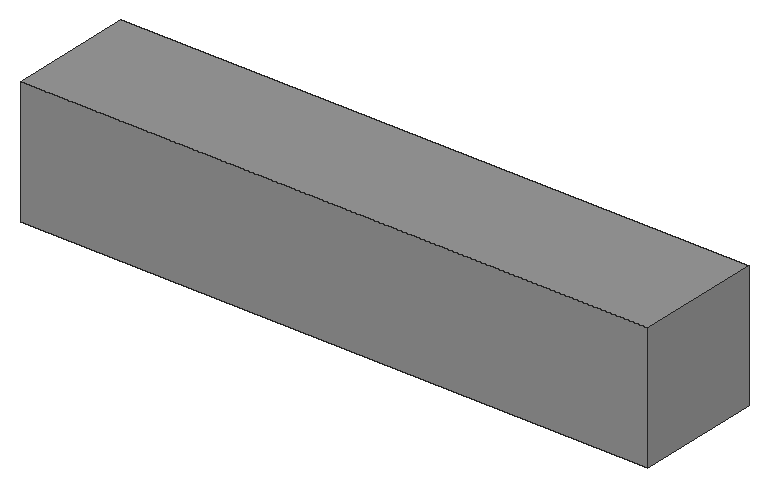
Revit family "63_UN_LF_Power Stripelite 3_LI", category Lighting Fixtures, Revit 2019
Family settings
  Round Connector Dimension = Use Diameter
  Part Type = Normal
  OmniClass Number = 23.80.70.11.14.11
  OmniClass Title = Downlights
  Work Plane-Based = No
  Always vertical = Yes
  Cut with Voids When Loaded = No
  Light Source = Yes
  Shared = No
  Room Calculation Point = Yes
Parameters (values of type "Power Stripelite 3 opaal")
  Wattage Comments = "4"
  Wattage = 3.36605 W
  built-in parameter 1150110 = 1 (stored number, unit not read)
  Voltage = 230 V
  URL = "https://lightinternational.nl/producten/opbouw-armaturen/power-stripelite/#136-power-stripelite-3"
  Type Comments = "Power Stripelite 3"
  built-in parameter 1114217 = 1 (stored number, unit not read)
  Tilt Angle = 90.00°
  built-in parameter 1150109 = 1 (stored number, unit not read)
  built-in parameter 1150134 = 3
  Symbol_ToScale [instance] = not(Symbol_RealSize)  # no
  Symbol_RealSize [instance] = yes
  Switch Code [instance] = ""
  built-in parameter 1150113 = 1 (stored number, unit not read)
  Photometric Web File = "PSL3_O_LDT.ies"
  Model = "Power Stripelite"
  Manufacturer = "Light International"
  built-in parameter 1150105 = 39.789 (stored number, unit not read)
  Luminous Flux (lm) = 640 lm
  Lumens = 640 lm
  built-in parameter 1150115 = 1 (stored number, unit not read)
  Luminaire Code [instance] = ""
  built-in parameter 1150137 = (empty or 0)
  built-in parameter 1150139 = (empty or 0)
  built-in parameter 1150112 = 1 (stored number, unit not read)
  built-in parameter 1150114 = 1 (stored number, unit not read)
  Lamp = "LED"
  L3 = 5 mm
  L2 = 65 mm
  L1 = 325 mm
  built-in parameter 1150132 = 2
  built-in parameter 1150102 = (empty or 0)
  built-in parameter 1150107 = 4000 (stored number, unit not read)
  built-in parameter 1150138 = (empty or 0)
  built-in parameter 1150106 = 0.39789 (stored number, unit not read)
  IfcExportType = "USERDEFINED"
  IfcExportAs = "IfcLightFixtureType"
  ISBN Code = "ISBNCODE"
  IP Value = "IP65"
  IK Value = "IK16"
  Housing_Material = Select RGB Value for different appearance
  H1 = 65 mm
  GTIN Code = "GTINCODE"
  Emit from Rectangle Width = L2 - (L3 * 2)  # 55 mm
  Emit from Rectangle Length = L1 - (L3 * 2)  # 315 mm
  Emit Shape Visible in Rendering = no
  built-in parameter 1150104 = 13.8 (stored number, unit not read)
  ETIM Code = "ETIMCODE"
  Dimming Lamp Color Temperature Shift = <None>
  Description = "DALI | 1-10V"
  Content Creator® = "www.ivlibrary.com"
  Color Filter = 16777215
  Calc_L2_Symbol = L2 / 100  # 0.65 mm
  Calc_L1_Symbol = L1 / 100  # 3.25 mm
  built-in parameter 1114218 = 1 (stored number, unit not read)
  built-in parameter 1150133 = 10 (stored number, unit not read)
  Assembly Code = "63.0"
  Apparent Load = 4 VA
Reference planes
  plane 1 "Center (Front/Back)": y = 0
  plane 2: z = 0
  plane 3 "Center (Left/Right)": x = 0
  plane 4: x = -157.5
  plane 5: x = 157.5
  plane 6: y = 27.5
  plane 7: y = -27.5
  plane 8: x = -162.5
  plane 9: x = 162.5
  plane 10: y = -32.5
  plane 11: y = 32.5
Lines and regions (mm)
  symbolic lines, visible <- "Symbol_RealSize"
    curve 1: line (-162.5, -32.5, 0) -> (162.5, -32.5, 0)
    curve 2: line (-162.5, 32.5, 0) -> (-162.5, -32.5, 0)
    curve 3: line (162.5, 32.5, 0) -> (-162.5, 32.5, 0)
    curve 4: line (162.5, -32.5, 0) -> (162.5, 32.5, 0)
Dimensions and locks
  equal spacing: plane 11, plane 1 "Center (Front/Back)", plane 10
  equal spacing: plane 8, plane 3 "Center (Left/Right)", plane 9
  "L1": plane 8 to plane 9
  "L2": plane 11 to plane 10
  "L3": plane 8 to plane 4
  "L3": plane 5 to plane 9
  "L3": plane 6 to plane 11
  "L3": plane 7 to plane 10
  "H1": level to imposter light
  aligned and locked: level to plane 2
  aligned and locked: level to nested 2
Automatic sketch dimensions
  curve 3 to plane 8 = 0 mm
  curve 1 to plane 9 = 0 mm
  curve 2 to plane 10 = 0 mm
  plane 11 to curve 2 = 0 mm
Nested families
  nested 1: "Parametric Light-Line Symbol" at (0, 0, 0), L1 <- "Calc_L1_Symbol", L2 <- "Calc_L2_Symbol", visible <- "Symbol_ToScale", type "Parametric LED Panel Symbol"
    with L2 0.65 mm, L1 3.25 mm
  nested 2: "SM Light-line Geometry" at (0, 0, 0), type "Type Catalog"
    with Symbol_ToScale no, Symbol_RealSize yes, Switch Code "", Luminaire Code "", L3 5 mm, L2 65 mm, L1 325 mm, H1 65 mm, Calc_L2_Symbol 0.65 mm, Calc_L1_Symbol 3.25 mm
Connectors
  electrical at (0, 0, 0), driven by "Voltage", driven by "Apparent Load"
    settings: index 1, voltage 230 V, apparent load 0 VA, apparent load phase1 4 VA, apparent load phase2 0 VA, apparent load phase3 0 VA, power factor 1, load classification "Lighting", number of poles 1, system type 31, power factor state 1, is connector primary yes, connector utility no, sub classification motor no, connector description ""
Definition of nested family "SM Light-line Geometry"
  Parameters (values of type "Type Catalog")
    Wattage Comments = "19W"
    Voltage = 230 V
    URL = "https://www.ivlibrary.com/"
    Type Comments = "TYPENAME"
    Symbol_ToScale [instance] = not(Symbol_RealSize)  # no
    Symbol_RealSize [instance] = yes
    Switch Code [instance] = ""
    Model = "FAMILYNAME"
    Manufacturer = "MANUFACTURER"
    Luminous Flux (lm) = 500 lm
    Luminaire Code [instance] = ""
    Lamp = "LED"
    LED Panel = yes
    L3 = 7.5 mm
    L2 = 100 mm
    L1 = 1500 mm
    IfcExportType = "USERDEFINED"
    IfcExportAs = "IfcLightFixtureType"
    ISBN Code = "ISBNCODE"
    IP Value = "IPVALUE"
    IK Value = "IKVALUE"
    Housing_Material = none
    H1 = 80 mm
    GTIN Code = "GTINCODE"
    ETIM Code = "ETIMCODE"
    Description = ""
    Content Creator® = "www.ivlibrary.com"
    Calc_L2_Symbol = L2 / 100  # 1 mm
    Calc_L1_Symbol = L1 / 100  # 15 mm
    Assembly Code = "63.0"
    Apparent Load = 19 VA
  Reference planes
    plane 1 "Center (Front/Back)": y = 0
    plane 2: z = 0
    plane 3 "Center (Left/Right)": x = 0
    plane 4: x = -742.5
    plane 5: x = 742.5
    plane 6: y = 42.5
    plane 7: y = -42.5
    plane 8: x = -750
    plane 9: x = 750
    plane 10: y = -50
    plane 11: y = 50
  Forms (mm)
    Extrusion 1, solid, material <- "Housing_Material"
      sketch origin (0, 0, -77) x (1, 0, 0) y (0, 1, 0)
        loop
          line (-742.5, 42.5) -> (-742.5, -42.5) -> (742.5, -42.5) -> (742.5, 42.5) -> (-742.5, 42.5)
      from -2.103 to 77
    Extrusion 2, solid, material <- "Housing_Material"
      sketch origin (0, 0, -243) x (1, 0, 0) y (0, 1, 0)
        loop
          line (-742.5, 42.5) -> (-742.5, -42.5) -> (742.5, -42.5) -> (742.5, 42.5) -> (-742.5, 42.5)
        loop
          line (-750, -50) -> (750, -50) -> (750, 50) -> (-750, 50) -> (-750, -50)
      from 243 to 163
    Extrusion 3, solid
      sketch origin (0, 0, -79.5) x (1, 0, 0) y (0, 1, 0)
        loop
          line (-742.5, 42.5) -> (-742.5, -42.5) -> (742.5, -42.5) -> (742.5, 42.5) -> (-742.5, 42.5)
      from 0.397 to -0.5
  Cuts and joins
    joined: Extrusion 1, Extrusion 2
  Lines and regions (mm)
    symbolic lines, visible <- "Symbol_RealSize"
      curve 1: line (-750, -50, 0) -> (750, -50, 0)
      curve 2: line (-750, 50, 0) -> (-750, -50, 0)
      curve 3: line (750, 50, 0) -> (-750, 50, 0)
      curve 4: line (750, -50, 0) -> (750, 50, 0)
  Dimensions and locks
    equal spacing: plane 11, plane 1 "Center (Front/Back)", plane 10
    equal spacing: plane 8, plane 3 "Center (Left/Right)", plane 9
    "L1": plane 8 to plane 9
    "L2": plane 11 to plane 10
    "L3": plane 8 to plane 4
    "L3": plane 5 to plane 9
    "L3": plane 6 to plane 11
    "L3": plane 7 to plane 10
    "H1": level to Extrusion 2
    Extrusion 1 to Extrusion 2 = 0.897 mm
    locked: Extrusion 3 to Extrusion 2 at 0.897
    aligned and locked: level to plane 2
    aligned and locked: level to Extrusion 2
    aligned and locked: Extrusion 2 to Extrusion 3
    aligned and locked: Extrusion 1 to Extrusion 3
  Automatic sketch dimensions
    curve 3 to plane 8 = 0 mm
    curve 3 to plane 9 = 0 mm
    curve 1 to plane 10 = 0 mm
    plane 11 to curve 3 = 0 mm
    Extrusion 1 sketch curve to plane 4 = 0 mm
    Extrusion 1 sketch curve to plane 5 = 0 mm
    Extrusion 1 sketch curve to plane 7 = 0 mm
    Extrusion 1 sketch curve to plane 6 = 0 mm
    Extrusion 2 sketch curve to plane 8 = 0 mm
    Extrusion 2 sketch curve to plane 4 = 0 mm
    Extrusion 2 sketch curve to plane 5 = 0 mm
    Extrusion 2 sketch curve to plane 9 = 0 mm
    Extrusion 2 sketch curve to plane 10 = 0 mm
    Extrusion 2 sketch curve to plane 7 = 0 mm
    Extrusion 2 sketch curve to plane 6 = 0 mm
    plane 11 to Extrusion 2 sketch curve = 0 mm
    Extrusion 3 sketch curve to plane 4 = 0 mm
    Extrusion 3 sketch curve to plane 5 = 0 mm
    Extrusion 3 sketch curve to plane 7 = 0 mm
    Extrusion 3 sketch curve to plane 6 = 0 mm
  Nested families
    nested 1: "Parametric Light-Line Symbol" at (0, 0, 0), L1 <- "Calc_L1_Symbol", L2 <- "Calc_L2_Symbol", visible <- "Symbol_ToScale", type "Parametric LED Panel Symbol"
      with L2 1 mm, L1 15 mm
  Connectors
    electrical at (0, 0, 0), driven by "Voltage", driven by "Apparent Load"
      settings: index 2, voltage 230 V, apparent load 0 VA, apparent load phase1 19 VA, apparent load phase2 0 VA, apparent load phase3 0 VA, power factor 1, load classification none, number of poles 1, system type 31, power factor state 1, is connector primary yes, connector utility no, sub classification motor no, connector description ""
  Definition of nested family "Parametric Light-Line Symbol"
    Parameters (values of type "Parametric LED Panel Symbol")
      L2 [instance] = 4.484 mm
      L1 [instance] = 6.437 mm
    Reference planes
      plane 1: y = 0
      plane 2: x = 0
    Lines and regions (mm)
      detail lines
        curve 1: line (-3.219, 2.242, 0) -> (3.219, 2.242, 0)
        curve 2: line (-3.219, -2.242, 0) -> (-3.219, 2.242, 0)
        curve 3: line (3.219, -2.242, 0) -> (-3.219, -2.242, 0)
        curve 4: line (3.219, 2.242, 0) -> (3.219, -2.242, 0)
    Dimensions and locks
      equal spacing: curve 2, plane 2, curve 4
      equal spacing: curve 3, plane 1, curve 1
      "L1": curve 2 to curve 4
      "L2": curve 3 to curve 1
Definition of nested family "Parametric Light-Line Symbol"
  Parameters (values of type "Parametric LED Panel Symbol")
    L2 [instance] = 4.484 mm
    L1 [instance] = 6.437 mm
  Reference planes
    plane 1: y = 0
    plane 2: x = 0
  Lines and regions (mm)
    detail lines
      curve 1: line (-3.219, 2.242, 0) -> (3.219, 2.242, 0)
      curve 2: line (-3.219, -2.242, 0) -> (-3.219, 2.242, 0)
      curve 3: line (3.219, -2.242, 0) -> (-3.219, -2.242, 0)
      curve 4: line (3.219, 2.242, 0) -> (3.219, -2.242, 0)
  Dimensions and locks
    equal spacing: curve 2, plane 2, curve 4
    equal spacing: curve 3, plane 1, curve 1
    "L1": curve 2 to curve 4
    "L2": curve 3 to curve 1
